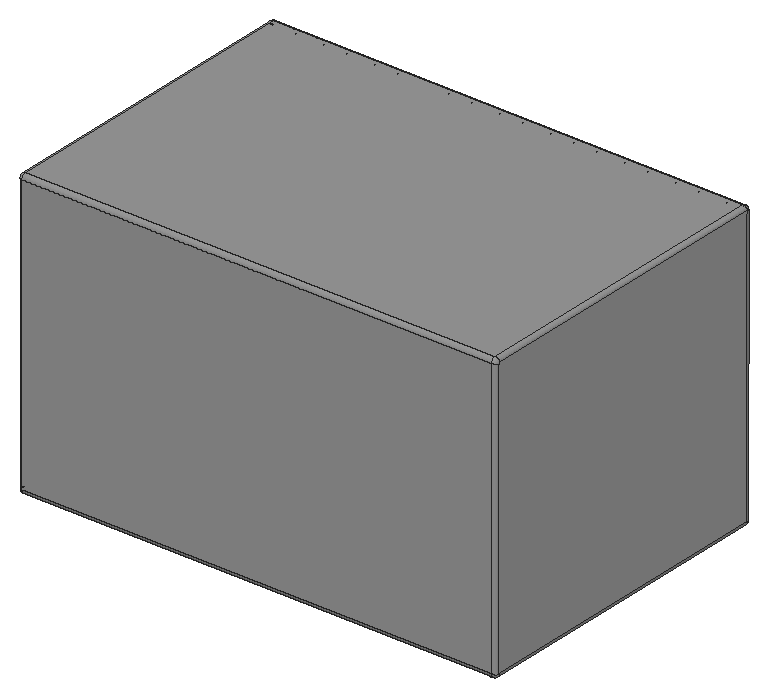
Revit family "TS1028 Elevate Wind 1.5 Bench", category Generic Models, Revit 2018
Family settings
  Can host rebar = No
  Round Connector Dimension = Use Diameter
  Part Type = Normal
  Work Plane-Based = No
  Always vertical = Yes
  Cut with Voids When Loaded = No
  Shared = No
  Room Calculation Point = No
Parameters
  Seat Fabric = TS1028 1.5 Bench Fabric
Reference planes (in)
  plane 1 "Center (Front/Back)": y = 0
  plane 2: z = 0
  plane 3 "Center (Left/Right)": x = 0
Forms (in)
  Sweep 1, solid, material "TS1028 1.5 Bench Fabric" <- "Seat Fabric"
    path origin (0, -5, 0) x (0, 1, 0) y (0, 0, 1)
      loop
        line (14.73021, 17.75) -> (-4.73021, 17.75)
        arc (-4.73021, 17.75) -> (-4.7442, 17.7442) -> (-4.75, 17.73021) r 0.01979
        line (-4.75, 17.73021) -> (-4.75, 0.26979)
        arc (-4.75, 0.26979) -> (-4.7442, 0.2558) -> (-4.73021, 0.25) r 0.01979
        line (-4.73021, 0.25) -> (14.73021, 0.25)
        arc (14.73021, 0.25) -> (14.7442, 0.2558) -> (14.75, 0.26979) r 0.01979
        line (14.75, 0.26979) -> (14.75, 17.73021)
        arc (14.75, 17.73021) -> (14.7442, 17.7442) -> (14.73021, 17.75) r 0.01979
    profile origin (0, 0, 17.75) x (0, 0, -1) y (1, 0, 0)
      loop
        line (0, -15) -> (0, 15)
        arc (0, 15) -> (-0.17678, 14.92678) -> (-0.25, 14.75) r 0.25
        line (-0.25, 14.75) -> (-0.25, -14.75)
        arc (-0.25, -14.75) -> (-0.17678, -14.92678) -> (0, -15) r 0.25
  Extrusion 2, solid, material "TS1028 1.5 Bench Fabric" <- "Seat Fabric"
    sketch origin (0, -5, 0) x (0, 1, 0) y (0, 0, 1)
      loop
        arc (14.73021, 0.25) -> (14.7442, 0.2558) -> (14.75, 0.26979) r 0.01979
        line (14.75, 0.26979) -> (14.75, 17.73021)
        arc (14.75, 17.73021) -> (14.7442, 17.7442) -> (14.73021, 17.75) r 0.01979
        line (14.73021, 17.75) -> (-4.73021, 17.75)
        arc (-4.73021, 17.75) -> (-4.7442, 17.7442) -> (-4.75, 17.73021) r 0.01979
        line (-4.75, 17.73021) -> (-4.75, 0.26979)
        arc (-4.75, 0.26979) -> (-4.7442, 0.2558) -> (-4.73021, 0.25) r 0.01979
        line (-4.73021, 0.25) -> (14.73021, 0.25)
    from -15 to 15
Dimensions and locks (in)
  aligned and locked: plane 2 to level
